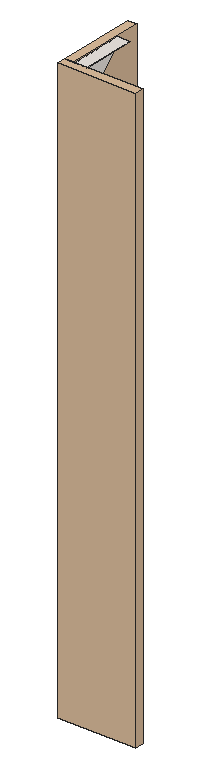
Revit family "Supports-Teknion-CEAFSU-Side_Filler_Upper_Cabinet-R2023", category Furniture, Revit 2023
Family settings
  OmniClass Number = 23.40.20.00
  OmniClass Title = General Furniture and Specialties
  Work Plane-Based = No
  Enable Cutting in Views = No
  Always vertical = Yes
  Cut with Voids When Loaded = No
  Render Appearance Source = Family Geometry
  Shared = Yes
  Room Calculation Point = No
Parameters (values of type "Side Filler – Upper Cabinet")
  Warranty = "http://www.teknion.com/ca/papers/legal-canada"
  Unit Weight URL = "http://www.teknion.com/ca/tools/assets#&asset=bee6a381-b954-425e-8283-5a2de3a804f2,f828d448-4b62-4231-9e5f-9a8991c0ed77"
  URL = "www.teknion.com"
  To render please download texture images found here [instance] = "https://assets.teknion.com/web/5e81352c1dfdb467/revit-material-swatches/"
  Sustainability Data = "https://www.teknion.com/ca/tools/assets#&topic=216f99a5-57a0-44fc-b10a-9dee9b29ae4c&asset=444deb64-fe58-4b68-981e-f75e97781df7,b4ff2d81-9f2e-437d-9659-7cffb09c31cf"
  Side Filler Finish [instance] = Veneer - Teknion - 5N - Flintwood - White Oak
  Series = "Casework+"  # constant formula
  Product Page URL = "https://www.teknion.com/ca//products/product-details?productLineId=30ca1270-8e7a-673b-a6c8-ff05004460c4"
  Product Line = "Finishing Components"  # constant formula
  Product Documentation Link = "http://www.teknion.com/pricingguides/Casework/pdfs/CEAFSU_ppg.pdf"
  Part Number = "CEAFSU"  # constant formula
  Model = "CEAFSU06__"  # constant formula
  Manufacturer Phone = "416-661-3370"  # constant formula
  Manufacturer Fax = "416.661.4586"  # constant formula
  Manufacturer Contact Information = "http://www.teknion.com/ca/contactus"
  Manufacturer Address = "1150 Flint Road, Toronto, ON. M3J 2J5. Canada"  # constant formula
  Manufacturer = "Teknion"  # constant formula
  How To Use Teknion Materials User Guide [instance] = "https://assets.teknion.com/m/205dd0a49fa58060/original/How-to-add-a-Material-Library-and-Texture-Images-to-your-Revit-project.pdf"
  Height [instance] = 45.000"
  For Additional Finishes please visit [instance] = "https://assets.teknion.com/m/44a8009b046e5d47/original/Teknion_Materials_Library.zip"
  Description = "Side Filler – Upper Cabinet"  # constant formula
  Default Elevation = 0.000"
  Available Height [instance] = "Available In 15, 24, 27, 30, 33, 36, 39, 42, 45 & 51 Inches"  # constant formula
  Assembly Code = "E2020200"
Reference planes (in)
  plane 1 "Center Front/Back": y = 1.57138
  plane 2: z = 0
  plane 3 "Center Left/Right": x = 0.45654
  plane 4 "Left": x = -2.54346
  plane 5 "Right": x = 3.45654
  plane 6 "Back": y = 4.92177
  plane 7 "Front": y = -1.77902
  plane 8 "Top": z = 99
  plane 9: z = 54
Forms (in)
  Sweep 1, solid, material "Veneer - Teknion - 5N - Flintwood - White Oak" <- "Side Filler Finish"
    path origin (0, 1.57138, 0) x (1, 0, 0) y (0, 0, 1)
      loop
        line (0.45654, 99) -> (0.45654, 54)
    profile origin (0.45654, 1.57138, 76.5) x (0, -1, 0) y (1, 0, 0)
      loop
        line (3.35039, -3) -> (3.35039, 3) -> (2.64961, 3) -> (2.64961, -3) -> (3.35039, -3)
  Sweep 2, solid, material "Veneer - Teknion - 5N - Flintwood - White Oak" <- "Side Filler Finish"
    path origin (0.45654, 0, 0) x (0, 1, 0) y (0, 0, 1)
      loop
        line (1.57138, 99) -> (1.57138, 57)
    profile origin (0.45654, 1.57138, 78) x (1, 0, 0) y (0, 1, 0)
      loop
        line (-3, 3.35039) -> (-3, -2.64961) -> (-2.29921, -2.64961) -> (-2.29921, 3.35039) -> (-3, 3.35039)
  Sweep 3, solid, material "Source Laminate - Teknion - 2G - Atrium White"
    path origin (0.45654, 0, 0) x (0, 1, 0) y (0, 0, 1)
      loop
        line (1.57138, 99) -> (1.57138, 57)
    profile origin (0.45654, 1.57138, 78) x (1, 0, 0) y (0, 1, 0)
      loop
        line (-1.29921, 1.40945) -> (-2.29921, 1.40945) -> (-2.29921, -2.64961) -> (-1.29921, -2.64961) -> (-1.29921, 1.40945)
  Sweep 4, void
    path origin (0, 1.57138, 0) x (1, 0, 0) y (0, 0, 1)
      loop
        line (0.45654, 98.94094) -> (0.45654, 57.05906)
    profile origin (0.45654, 1.57138, 78) x (0, -1, 0) y (1, 0, 0)
      loop
        line (2.59055, -2.24016) -> (2.59055, -1.29921) -> (-1.40945, -1.29921) -> (-1.40945, -2.24016) -> (2.59055, -2.24016)
  Sweep 5, void
    path origin (0, 0, 0) x (1, 0, 0) y (0, 1, 0)
      loop
        line (3.45654, 1.57138) -> (-2.54346, 1.57138)
    profile origin (0.45654, 1.57138, 0) x (0, -1, 0) y (0, 0, 1)
      loop
        line (-1.40945, 57.59055) -> (2.05906, 61.05906) -> (2.64961, 61.05906) -> (2.64961, 94.94094) -> (2.05906, 94.94094) -> (-1.40945, 98.40945) -> (-1.40945, 57.59055)
Cuts and joins
  Sweep 4, Sweep 5 cuts Sweep 3
Lines and regions (in)
  Masking region 1
    outline origin (0, 0, 0) x (1, 0, 0) y (0, 1, 0)
      loop
        line (-2.54346, 4.92177) -> (-2.54346, -1.07823) -> (-1.84267, -1.07823) -> (-1.84267, 4.92177) -> (-2.54346, 4.92177)
  Masking region 2
    outline origin (0, 0, 0) x (1, 0, 0) y (0, 1, 0)
      loop
        line (-2.54346, -1.77902) -> (3.45654, -1.77902) -> (3.45654, -1.07823) -> (-2.54346, -1.07823) -> (-2.54346, -1.77902)
  Masking region 3
    outline origin (0, 0, 0) x (1, 0, 0) y (0, 1, 0)
      loop
        line (-0.84267, -1.07823) -> (-0.84267, 2.98083) -> (-1.84267, 2.98083) -> (-1.84267, -1.07823) -> (-0.84267, -1.07823)
  symbolic lines, style "FurnitureHiddenLines", detail levels medium+fine
    curve 1: line (-1.78362, 2.98083, 0) -> (-1.78362, -1.01917, 0)
    curve 2: line (-1.78362, -1.01917, 0) -> (-0.84267, -1.01917, 0)
  reference lines
    curve 3: line (-2.54346, 4.92177, 0) -> (3.45654, 4.92177, 0)
    curve 4: line (3.45654, 4.92177, 0) -> (3.45654, -1.77902, 0)
    curve 5: line (-2.54346, -1.77902, 0) -> (3.45654, -1.77902, 0)
    curve 6: line (-2.54346, 4.92177, 0) -> (-2.54346, -1.77902, 0)
Dimensions and locks (in)
  plane 4 "Left" to plane 5 "Right" = 6.000"
  plane 6 "Back" to plane 7 "Front" = 6.70079"
  plane 8 "Top" to level = 99.000"
  equal spacing: plane 4 "Left", plane 3 "Center Left/Right", plane 5 "Right"
  equal spacing: plane 7 "Front", plane 1 "Center Front/Back", plane 6 "Back"
  "Height": plane 8 "Top" to plane 9
  locked: plane 9 to plane 2 at 54
  locked: plane 7 "Front" to Sweep 1 sketch curve at 0.70079
  locked: Sweep 2 sketch curve to plane 9 at 3
  locked: plane 4 "Left" to Sweep 2 sketch curve at 0.70079
  locked: plane 7 "Front" to Sweep 2 sketch curve at 0.70079
  locked: Sweep 3 sketch curve to plane 9 at 3
  plane 4 "Left" to Sweep 3 sketch curve to Sweep 3 sketch curve = 0.70079" locked, 1.000" locked
  plane 7 "Front" to Sweep 3 sketch curve to Sweep 3 sketch curve = 0.70079" locked, 4.05906" locked
  locked: plane 8 "Top" to Sweep 4 sketch curve at 0.05906
  locked: Sweep 4 sketch curve to plane 9 at 3.05906
  plane 4 "Left" to Sweep 4 sketch curve to Sweep 4 sketch curve = 0.75984" locked, 0.94094" locked
  plane 7 "Front" to Sweep 4 sketch curve to Sweep 4 sketch curve = 0.75984" locked, 4.000" locked
  Sweep 5 sketch curve to Sweep 5 sketch curve to Sweep 5 sketch curve to Sweep 5 sketch curve to plane 7 "Front" = 3.4685" locked, 0.000" locked, 0.59055" locked, 0.70079" locked
  Sweep 5 sketch curve to Sweep 5 sketch curve to plane 9 = 3.4685" locked, 3.59055" locked
  plane 8 "Top" to Sweep 5 sketch curve to Sweep 5 sketch curve = 0.59055" locked, 3.4685" locked
  locked: plane 4 "Left" to Masking region 1 sketch curve at 0.70079
  locked: plane 7 "Front" to Masking region 1 sketch curve at 0.70079
  locked: plane 7 "Front" to Masking region 2 sketch curve at 0.70079
  plane 4 "Left" to Masking region 3 sketch curve to Masking region 3 sketch curve = 0.70079" locked, 1.000" locked
  plane 7 "Front" to Masking region 3 sketch curve to Masking region 3 sketch curve = 0.70079" locked, 4.05906" locked
  aligned and locked: level to plane 2
  aligned and locked: Sweep 1 sketch curve to plane 3 "Center Left/Right"
  aligned and locked: plane 8 "Top" to Sweep 1 sketch curve
  aligned and locked: plane 9 to Sweep 1 sketch curve
  aligned and locked: Sweep 1 sketch curve to plane 7 "Front"
  aligned and locked: Sweep 1 sketch curve to plane 5 "Right"
  aligned and locked: plane 4 "Left" to Sweep 1 sketch curve
  aligned and locked: Sweep 2 sketch curve to plane 1 "Center Front/Back"
  aligned and locked: plane 8 "Top" to Sweep 2 sketch curve
  aligned and locked: Sweep 2 sketch curve to plane 4 "Left"
  aligned and locked: Sweep 2 sketch curve to plane 6 "Back"
  aligned and locked: Sweep 3 sketch curve to plane 1 "Center Front/Back"
  aligned and locked: plane 8 "Top" to Sweep 3 sketch curve
  aligned and locked: Sweep 4 sketch curve to plane 3 "Center Left/Right"
  aligned and locked: plane 4 "Left" to Sweep 5 sketch curve
  aligned and locked: plane 5 "Right" to Sweep 5 sketch curve
  aligned and locked: Sweep 5 sketch curve to plane 1 "Center Front/Back"
  aligned and locked: Masking region 1 sketch curve to plane 4 "Left"
  aligned and locked: Masking region 1 sketch curve to plane 6 "Back"
  aligned and locked: Masking region 2 sketch curve to plane 7 "Front"
  aligned and locked: Masking region 2 sketch curve to plane 4 "Left"
  aligned and locked: plane 5 "Right" to Masking region 2 sketch curve
  aligned and locked: curve 1 to cut or joined group of Sweep 3, Sweep 4, Sweep 5
  aligned and locked: curve 2 to cut or joined group of Sweep 3, Sweep 4, Sweep 5
  aligned and locked: nested 1 to plane 4 "Left"
  aligned and locked: nested 1 to plane 7 "Front"
  aligned and locked: curve 3 to plane 6 "Back"
  aligned and locked: curve 4 to plane 5 "Right"
  aligned and locked: curve 5 to plane 7 "Front"
  aligned and locked: curve 6 to plane 4 "Left"
Automatic sketch dimensions
  curve 1 to plane 1 "Center Front/Back" = 1.40945"
  curve 1 to curve 2 = 0.94094"
Nested families (in)
  nested 1: "Teknion_2D_Node_Family-R2021" at (-2.54346, -1.77902, 0), type "Teknion_2D_Node_Family-R2021"
Definition of nested family "Teknion_2D_Node_Family-R2021"
  Reference planes (in)
    plane 1 "Center (Front/Back)": y = 0
    plane 2: z = 0
    plane 3 "Center (Left/Right)": x = 0
  Lines and regions (in)
    detail lines, in view "Ref. Level"
      curve 1: circle (0, 0, 0) r 1.25 normal (0, 0, 1)
      curve 2: line (1.91508, -1.91508, 0) -> (-1.91508, 1.91508, 0)
      curve 3: line (-1.91508, -1.91508, 0) -> (1.91508, 1.91508, 0)
